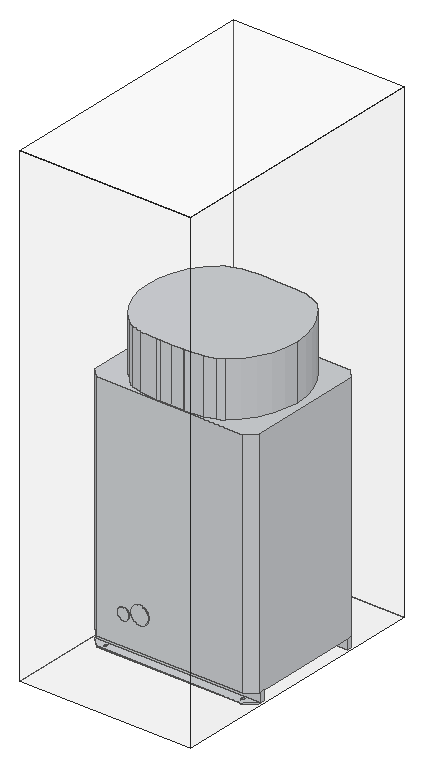
Revit family "puhy-p224_1400dmg7_60Hz", category 機械設備, Revit 2019 (continued)
Definition of nested family "筐体モジュール（高効率）"
  Lines and regions (mm)
    model lines, visible <- "ユニット234X", not visible, detail levels fine
      curve 237: line (460, -150.779, 1040.048) -> (460, -132.596, 1040.048)
      curve 238: line (460, -150.779, 818.931) -> (460, -150.779, 1040.048)
      curve 239: line (460, -132.596, 818.931) -> (460, -150.779, 818.931)
      curve 240: line (460, -132.596, 1040.048) -> (460, -132.596, 818.931)
      curve 241: line (460, 178.667, 802.923) -> (460, 297.73, 802.923)
      curve 242: line (460, 178.667, 569.8) -> (460, 178.667, 802.923)
      curve 243: line (460, 297.73, 569.8) -> (460, 178.667, 569.8)
      curve 244: line (460, 297.73, 802.923) -> (460, 297.73, 569.8)
      curve 245: line (460, 47.598, 802.923) -> (460, 166.661, 802.923)
      curve 246: line (460, 47.598, 569.8) -> (460, 47.598, 802.923)
      curve 247: line (460, 166.661, 569.8) -> (460, 47.598, 569.8)
      curve 248: line (460, 166.661, 802.923) -> (460, 166.661, 569.8)
      curve 249: line (460, -83.471, 802.923) -> (460, 35.592, 802.923)
      curve 250: line (460, -83.471, 569.8) -> (460, -83.471, 802.923)
      curve 251: line (460, 35.592, 569.8) -> (460, -83.471, 569.8)
      curve 252: line (460, 35.592, 802.923) -> (460, 35.592, 569.8)
      curve 253: line (460, -150.779, 802.923) -> (460, -95.75, 802.923)
      curve 254: line (460, -150.779, 569.8) -> (460, -150.779, 802.923)
      curve 255: line (460, -95.75, 569.8) -> (460, -150.779, 569.8)
      curve 256: line (460, -95.75, 802.923) -> (460, -95.75, 569.8)
      curve 257: line (460, -150.779, 796.92) -> (460, -132.596, 796.92)
      curve 258: line (460, -150.779, 575.803) -> (460, -150.779, 796.92)
      curve 259: line (460, -132.596, 575.803) -> (460, -150.779, 575.803)
      curve 260: line (460, -132.596, 796.92) -> (460, -132.596, 575.803)
      curve 261: line (460, 178.667, 559.795) -> (460, 297.73, 559.795)
      curve 262: line (460, 178.667, 326.672) -> (460, 178.667, 559.795)
      curve 263: line (460, 297.73, 326.672) -> (460, 178.667, 326.672)
      curve 264: line (460, 297.73, 559.795) -> (460, 297.73, 326.672)
      curve 265: line (460, 47.598, 559.795) -> (460, 166.661, 559.795)
      curve 266: line (460, 47.598, 326.672) -> (460, 47.598, 559.795)
      curve 267: line (460, 166.661, 326.672) -> (460, 47.598, 326.672)
      curve 268: line (460, 166.661, 559.795) -> (460, 166.661, 326.672)
      curve 269: line (460, -83.471, 559.795) -> (460, 35.592, 559.795)
      curve 270: line (460, -83.471, 326.672) -> (460, -83.471, 559.795)
      curve 271: line (460, 35.592, 326.672) -> (460, -83.471, 326.672)
      curve 272: line (460, 35.592, 559.795) -> (460, 35.592, 326.672)
      curve 273: line (460, -150.779, 559.795) -> (460, -95.75, 559.795)
      curve 274: line (460, -150.779, 326.672) -> (460, -150.779, 559.795)
      curve 275: line (460, -95.75, 326.672) -> (460, -150.779, 326.672)
      curve 276: line (460, -95.75, 559.795) -> (460, -95.75, 326.672)
      curve 277: line (460, -150.779, 553.792) -> (460, -132.596, 553.792)
      curve 278: line (460, -150.779, 332.675) -> (460, -150.779, 553.792)
      curve 279: line (460, -132.596, 332.675) -> (460, -150.779, 332.675)
      curve 280: line (460, -132.596, 553.792) -> (460, -132.596, 332.675)
      curve 281: line (460, 178.667, 316.667) -> (460, 297.73, 316.667)
      curve 282: line (460, 178.667, 83.544) -> (460, 178.667, 316.667)
      curve 283: line (460, 297.73, 83.544) -> (460, 178.667, 83.544)
      curve 284: line (460, 297.73, 316.667) -> (460, 297.73, 83.544)
      curve 285: line (460, 47.598, 316.667) -> (460, 166.661, 316.667)
      curve 286: line (460, 47.598, 83.544) -> (460, 47.598, 316.667)
      curve 287: line (460, 166.661, 83.544) -> (460, 47.598, 83.544)
      curve 288: line (460, 166.661, 316.667) -> (460, 166.661, 83.544)
      curve 289: line (460, -83.471, 316.667) -> (460, 35.592, 316.667)
      curve 290: line (460, -83.471, 83.544) -> (460, -83.471, 316.667)
      curve 291: line (460, 35.592, 83.544) -> (460, -83.471, 83.544)
      curve 292: line (460, 35.592, 316.667) -> (460, 35.592, 83.544)
      curve 293: line (460, -150.779, 316.667) -> (460, -95.75, 316.667)
      curve 294: line (460, -150.779, 83.544) -> (460, -150.779, 316.667)
      curve 295: line (460, -95.75, 83.544) -> (460, -150.779, 83.544)
      curve 296: line (460, -95.75, 316.667) -> (460, -95.75, 83.544)
      curve 297: line (460, -150.779, 310.664) -> (460, -132.596, 310.664)
      curve 298: line (460, -150.779, 89.547) -> (460, -150.779, 310.664)
      curve 299: line (460, -132.596, 89.547) -> (460, -150.779, 89.547)
      curve 300: line (460, -132.596, 310.664) -> (460, -132.596, 89.547)
    symbolic lines, visible <- "ユニット234X"
      curve 301: line (-408.343, 370, 0) -> (-460, 318.843, 0)
      curve 302: line (-460, 318.843, 0) -> (-460, -318.843, 0)
      curve 303: line (-460, -318.843, 0) -> (-408.343, -370, 0)
      curve 304: line (-408.343, -370, 0) -> (408.343, -370, 0)
      curve 305: line (408.343, -370, 0) -> (460, -318.843, 0)
      curve 306: line (460, -318.843, 0) -> (460, 318.843, 0)
      curve 307: line (460, 318.843, 0) -> (408.343, 370, 0)
      curve 308: line (408.343, 370, 0) -> (-408.343, 370, 0)
      curve 309: arc (-268.081, 316.106, 0) -> (-376.101, 174.18, 0) -> (-414.476, 0, 0) r 414.476
      curve 310: arc (-414.476, 0, 0) -> (-376.101, -174.18, 0) -> (-268.081, -316.106, 0) r 414.476
      curve 311: arc (-268.081, -316.106, 0) -> (-250.84, -327.278, 0) -> (-232.369, -336.274, 0) r 168.924
      curve 312: arc (-232.369, -336.274, 0) -> (-204.68, -346.28, 0) -> (-176.163, -353.601, 0) r 308.609
      curve 313: arc (-176.163, -353.601, 0) -> (-128.058, -361, 0) -> (-79.445, -363.367, 0) r 468.429
      curve 314: arc (-79.445, -363.367, 0) -> (-71.906, -363.425, 0) -> (-64.372, -363.142, 0) r 167.153
      curve 315: line (-64.372, -363.142, 0) -> (0, -363.142, 0)
      curve 316: line (0, -363.142, 0) -> (64.372, -363.142, 0)
      curve 317: arc (64.372, -363.142, 0) -> (71.906, -363.425, 0) -> (79.445, -363.367, 0) r 167.153
      curve 318: arc (79.445, -363.367, 0) -> (128.058, -361, 0) -> (176.163, -353.601, 0) r 468.429
      curve 319: arc (176.163, -353.601, 0) -> (204.68, -346.28, 0) -> (232.369, -336.274, 0) r 308.609
      curve 320: arc (232.369, -336.274, 0) -> (250.84, -327.278, 0) -> (268.081, -316.106, 0) r 168.924
      curve 321: arc (268.081, -316.106, 0) -> (376.101, -174.18, 0) -> (414.476, 0, 0) r 414.476
      curve 322: arc (414.476, 0, 0) -> (376.101, 174.18, 0) -> (268.082, 316.106, 0) r 414.476
      curve 323: arc (268.082, 316.106, 0) -> (250.84, 327.278, 0) -> (232.369, 336.274, 0) r 168.924
      curve 324: arc (232.369, 336.274, 0) -> (204.68, 346.28, 0) -> (176.163, 353.601, 0) r 308.609
      curve 325: arc (176.163, 353.601, 0) -> (128.058, 361, 0) -> (79.445, 363.367, 0) r 468.429
      curve 326: line (79.445, 363.367, 0) -> (0, 363.367, 0)
      curve 327: line (0, 363.367, 0) -> (-79.445, 363.367, 0)
      curve 328: arc (-79.445, 363.367, 0) -> (-128.058, 361, 0) -> (-176.163, 353.601, 0) r 468.429
      curve 329: arc (-176.163, 353.601, 0) -> (-204.68, 346.28, 0) -> (-232.369, 336.274, 0) r 308.609
      curve 330: arc (-232.369, 336.274, 0) -> (-250.974, 327.516, 0) -> (-268.081, 316.106, 0) r 138.853
  Dimensions and locks
    "Depth": plane 4 to plane 6
    equal spacing: plane 4, plane 1 "中心(正面/背面)", plane 6
    "W": plane 7 to plane 5
    equal spacing: plane 7, plane 3 "中心(左/右)", plane 5
    locked: plane 12 "本体下部" to plane 2 at 54
    plane 4 to plane 10 to plane 11 to plane 15 to plane 14 to plane 13 = 57 mm locked, 20 mm locked, 586 mm locked, 20 mm locked, 57 mm locked
    locked: plane 13 to plane 16 at 29.5
    locked: plane 4 to plane 19 at 29.5
    "冷媒液_Z": plane 20 "電源高さ" to level
    plane 9 to plane 8 = 303 mm
    plane 8 to plane 2 = 1347 mm
    "Height": plane 9 to plane 2
    "冷媒管径_Z": level to plane 24 "冷媒管高さ"
    locked: plane 7 to plane 17 at 80
    locked: plane 18 to plane 5 at 80
    locked: plane 12 "本体下部" to plane 25 "冷媒操作弁ガス芯4" at 1
    plane 19 to plane 10 to plane 11 = 27.5 mm, 20 mm
    plane 8 to level = 1347 mm
    equal spacing: plane 26, plane 3 "中心(左/右)", plane 27
    "Width": plane 26 to plane 27
    "冷媒ガス_X": plane 22 "冷媒操作弁液芯1" to plane 23 "冷媒操作弁ガス芯1"
    "冷媒液_X": plane 26 to plane 22 "冷媒操作弁液芯1"
    plane 16 to plane 14 to plane 15 = 27.5 mm, 20 mm
    "冷媒液_Y": plane 4 to plane 29
    "冷媒ガス_Y": plane 4 to plane 28
    "冷媒管径_X": plane 26 to plane 21
    "冷媒ガス_Z": plane 30 to level
    "冷媒管径_Y": plane 4 to plane 31
    "冷媒ガス管径": diameter of Extrusion 10 sketch curve
    "冷媒液管径": diameter of Extrusion 9 sketch curve
    "冷媒管径": diameter of Extrusion 8 sketch curve
    "冷媒管径": diameter of Extrusion 6 sketch curve
    aligned and locked: plane 5 to Extrusion 1
    aligned and locked: Extrusion 1 to plane 7
    aligned and locked: Extrusion 1 to plane 6
    aligned and locked: plane 4 to Extrusion 1
    aligned and locked: curve 103 to plane 7
    aligned and locked: curve 3 to plane 5
    aligned and locked: plane 11 to Extrusion 2 sketch curve
    aligned and locked: plane 7 to Extrusion 2 sketch curve
    aligned and locked: Extrusion 2 sketch curve to plane 10
    aligned and locked: Extrusion 2 sketch curve to plane 5
    aligned and locked: plane 13 to Extrusion 4
    aligned and locked: Extrusion 4 to plane 14
    aligned and locked: Extrusion 1 to plane 12 "本体下部"
    aligned and locked: plane 12 "本体下部" to Extrusion 1  (x2)
    aligned and locked: plane 8 to Extrusion 1
    aligned and locked: Extrusion 4 sketch curve to Extrusion 1  (x2)
    aligned and locked: plane 4 to Extrusion 5
    aligned and locked: plane 10 to Extrusion 2
    aligned and locked: plane 3 "中心(左/右)" to Extrusion 7 sketch curve
    aligned and locked: plane 12 "本体下部" to Extrusion 8
    aligned and locked: Extrusion 9 to plane 25 "冷媒操作弁ガス芯4"
    aligned and locked: plane 12 "本体下部" to Extrusion 9
    aligned and locked: plane 12 "本体下部" to Extrusion 10
    aligned and locked: Extrusion 9 to Extrusion 10
    aligned and locked: Extrusion 8 to Extrusion 9
    aligned and locked: plane 23 "冷媒操作弁ガス芯1" to Extrusion 10 sketch curve
    aligned and locked: plane 21 to Extrusion 8 sketch curve
    aligned and locked: plane 22 "冷媒操作弁液芯1" to Extrusion 9 sketch curve
    aligned and locked: plane 28 to Extrusion 10 sketch curve
    aligned and locked: plane 29 to Extrusion 9 sketch curve
    aligned and locked: plane 24 "冷媒管高さ" to Extrusion 6 sketch curve
    aligned and locked: plane 21 to Extrusion 6 sketch curve
    aligned and locked: plane 31 to Extrusion 8 sketch curve
    aligned and locked: plane 17 to nested 1
    aligned and locked: plane 16 to nested 1
    aligned and locked: nested 1 to plane 18
    aligned and locked: nested 1 to plane 19
    aligned and locked: Masking region 1 sketch curve to Extrusion 1  (x8)
    aligned and locked: curve 301 to Masking region 1
    aligned and locked: curve 302 to Masking region 1
    aligned and locked: curve 303 to Masking region 1
    aligned and locked: curve 304 to Masking region 1
    aligned and locked: curve 305 to Masking region 1
    aligned and locked: curve 306 to Masking region 1
    aligned and locked: curve 307 to Masking region 1
    aligned and locked: curve 308 to Masking region 1
    aligned and locked: curve 309 to Extrusion 7
    aligned and locked: curve 310 to Extrusion 7
    aligned and locked: curve 311 to Extrusion 7
    aligned and locked: curve 312 to Extrusion 7
    aligned and locked: curve 313 to Extrusion 7
    aligned and locked: curve 314 to Extrusion 7
    aligned and locked: curve 315 to Extrusion 7
    aligned and locked: curve 316 to Extrusion 7
    aligned and locked: curve 317 to Extrusion 7
    aligned and locked: curve 318 to Extrusion 7
    aligned and locked: curve 319 to Extrusion 7
    aligned and locked: curve 320 to Extrusion 7
    aligned and locked: curve 321 to Extrusion 7
    aligned and locked: curve 322 to Extrusion 7
    aligned and locked: curve 323 to Extrusion 7
    aligned and locked: curve 324 to Extrusion 7
    aligned and locked: curve 325 to Extrusion 7
    aligned and locked: curve 326 to Extrusion 7
    aligned and locked: curve 327 to Extrusion 7
    aligned and locked: curve 328 to Extrusion 7
    aligned and locked: curve 329 to Extrusion 7
    aligned and locked: curve 330 to Extrusion 7
  Automatic sketch dimensions
    Extrusion 1 sketch curve to plane 7 = 0 mm
    plane 6 to Extrusion 1 sketch curve = 0 mm
    plane 4 to Extrusion 1 sketch curve = 0 mm
    Extrusion 1 sketch curve to plane 5 = 0 mm
    plane 10 to Extrusion 1 sketch curve = 5.843 mm  (x2)
    plane 14 to Extrusion 1 sketch curve = 5.843 mm  (x2)
    Extrusion 3 sketch curve to plane 7 = 0 mm
    Extrusion 3 sketch curve to plane 5 = 0 mm
    Extrusion 3 sketch curve to plane 14 = 0 mm
    Extrusion 3 sketch curve to plane 15 = 0 mm
    Extrusion 4 sketch curve to plane 7 = 0 mm
    plane 6 to Extrusion 4 sketch curve = 0 mm
    Extrusion 4 sketch curve to plane 17 = 0 mm
    Extrusion 4 sketch curve to plane 18 = 0 mm
    Extrusion 4 sketch curve to plane 5 = 0 mm
    Extrusion 4 sketch curve to plane 14 = 0 mm
    Extrusion 4 sketch curve to plane 16 = 3 mm  (x2)
    plane 17 to Extrusion 4 sketch curve = 7 mm
    Extrusion 4 sketch curve to plane 18 = 7 mm
    plane 16 to Extrusion 4 sketch curve = 3 mm  (x2)
    Extrusion 5 sketch curve to plane 7 = 0 mm
    plane 4 to Extrusion 5 sketch curve = 0 mm
    Extrusion 5 sketch curve to plane 17 = 0 mm
    Extrusion 5 sketch curve to plane 18 = 0 mm
    Extrusion 5 sketch curve to plane 5 = 0 mm
    plane 10 to Extrusion 5 sketch curve = 0 mm
    plane 19 to Extrusion 5 sketch curve = 3 mm  (x2)
    Extrusion 5 sketch curve to plane 17 = 7 mm
    plane 18 to Extrusion 5 sketch curve = 7 mm
    Extrusion 5 sketch curve to plane 19 = 3 mm  (x2)
    plane 10 to Extrusion 5 sketch curve = 5.843 mm  (x2)
    Extrusion 1 sketch curve to plane 17 = 28.343 mm  (x2)
    Extrusion 5 sketch curve to plane 17 = 28.343 mm
    Extrusion 1 sketch curve to plane 18 = 28.343 mm  (x2)
    Extrusion 5 sketch curve to plane 18 = 28.343 mm
    Extrusion 7 sketch curve to Extrusion 7 sketch curve = 0 mm  (x3)
    plane 1 "中心(正面/背面)" to Extrusion 7 sketch curve = 0 mm  (x2)
    Extrusion 7 sketch curve to plane 3 "中心(左/右)" = 0 mm  (x3)
    Extrusion 7 sketch curve to plane 4 = 6.858 mm
    Extrusion 7 sketch curve to plane 3 "中心(左/右)" = 64.372 mm
    Extrusion 7 sketch curve to plane 3 "中心(左/右)" = 74.399 mm
    plane 6 to Extrusion 7 sketch curve = 6.633 mm
    Extrusion 7 sketch curve to plane 3 "中心(左/右)" = 79.445 mm
    Extrusion 7 sketch curve to plane 3 "中心(左/右)" = 80.998 mm  (x2)
    Extrusion 7 sketch curve to Extrusion 7 sketch curve = 64.372 mm
    plane 3 "中心(左/右)" to Extrusion 7 sketch curve = 74.399 mm
    Extrusion 7 sketch curve to Extrusion 7 sketch curve = 79.445 mm
    plane 3 "中心(左/右)" to Extrusion 7 sketch curve = 80.998 mm  (x2)
    Extrusion 7 sketch curve to Extrusion 7 sketch curve = 32.763 mm  (x4)
    Extrusion 7 sketch curve to Extrusion 7 sketch curve = 86.775 mm
    Extrusion 7 sketch curve to Extrusion 7 sketch curve = 93.374 mm  (x2)
    Extrusion 7 sketch curve to Extrusion 7 sketch curve = 91.232 mm  (x2)
    plane 1 "中心(正面/背面)" to Extrusion 7 sketch curve = 51.367 mm  (x2)
    Extrusion 7 sketch curve to plane 1 "中心(正面/背面)" = 51.367 mm  (x2)
    Extrusion 7 sketch curve to Extrusion 7 sketch curve = 53.692 mm  (x2)
    Extrusion 7 sketch curve to Extrusion 7 sketch curve = 75.129 mm
    Extrusion 7 sketch curve to Extrusion 7 sketch curve = 101.551 mm
    Extrusion 7 sketch curve to plane 4 = 6.633 mm  (x2)
    Extrusion 7 sketch curve to plane 19 = 4.226 mm  (x2)
    Extrusion 7 sketch curve to plane 16 = 4.226 mm  (x2)
    plane 14 to Extrusion 7 sketch curve = 3.106 mm
    plane 16 to Extrusion 7 sketch curve = 13.101 mm  (x2)
    plane 19 to Extrusion 7 sketch curve = 13.101 mm  (x2)
    plane 10 to Extrusion 7 sketch curve = 3.106 mm
    Extrusion 7 sketch curve to Extrusion 7 sketch curve = 101.697 mm
    Extrusion 7 sketch curve to Extrusion 7 sketch curve = 16.103 mm  (x2)
    Extrusion 7 sketch curve to plane 11 = 96.709 mm
    curve 326 to plane 3 "中心(左/右)" = 0 mm
    curve 315 to plane 3 "中心(左/右)" = 0 mm
  Nested families
    nested 1: "固定点" at (-380, -340.5, 0), visible <- "ユニット234X", type "固定点", detail levels fine
      with W 760 mm, D 681 mm
  Definition of nested family "固定点"
    Parameters (values of type "固定点")
      中心円 = 20 mm
      W [instance] = 1000 mm
      D [instance] = 1000 mm
    Reference planes
      plane 1 "中心(正面/背面)": y = 0
      plane 2: z = 0
      plane 3 "中心(左/右)": x = 0
      plane 4: x = 1000
      plane 5: y = 1000
    Lines and regions (mm)
      symbolic lines, detail levels fine
        curve 1: circle (0, 1000, 0) r 10 normal (0, 0, 1)
        curve 2: circle (0, 0, 0) r 10 normal (0, 0, 1)
        curve 3: circle (1000, 1000, 0) r 10 normal (0, 0, 1)
        curve 4: circle (1000, 0, 0) r 10 normal (0, 0, 1)
        curve 5: line (-200, 1000, 0) -> (1200, 1000, 0)
        curve 6: line (-200, 0, 0) -> (1200, 0, 0)
        curve 7: line (0, 1200, 0) -> (0, -200, 0)
        curve 8: line (1000, 1200, 0) -> (1000, -200, 0)
    Dimensions and locks
      "W": plane 3 "中心(左/右)" to plane 4
      "D": plane 1 "中心(正面/背面)" to plane 5
      "中心円": diameter of curve 1
      "中心円": diameter of curve 2
      "中心円": diameter of curve 3
      "中心円": diameter of curve 4
      aligned and locked: level to plane 2
      aligned and locked: plane 5 to curve 1
      aligned and locked: plane 3 "中心(左/右)" to curve 1
      aligned and locked: plane 3 "中心(左/右)" to curve 2
      aligned and locked: plane 1 "中心(正面/背面)" to curve 2
      aligned and locked: plane 4 to curve 3
      aligned and locked: plane 5 to curve 3
      aligned and locked: plane 1 "中心(正面/背面)" to curve 4
      aligned and locked: plane 4 to curve 4
      aligned and locked: plane 1 "中心(正面/背面)" to curve 6
      aligned and locked: curve 7 to plane 3 "中心(左/右)"
      aligned and locked: curve 8 to plane 4
    Automatic sketch dimensions
      curve 5 to plane 5 = 0 mm
      curve 6 to plane 3 "中心(左/右)" = 200 mm
      curve 5 to plane 3 "中心(左/右)" = 200 mm
      curve 4 to curve 6 = 200 mm
      curve 3 to curve 5 = 200 mm
      plane 1 "中心(正面/背面)" to curve 8 = 200 mm
      plane 1 "中心(正面/背面)" to curve 7 = 200 mm
      curve 3 to curve 8 = 200 mm
      curve 1 to curve 7 = 200 mm
Types (45, lengths in mm): name | 風量（m3／min） | 風量 | 音響パワーレベル(dB) | 電源位置2X（ユニット3） | 電源位置2X（ユニット2） | 電源位置2X（ユニット1） | 電源位置1X（ユニット3） | 電源位置1X（ユニット2） | 電源位置1X（ユニット1） | 電動機出力_送風機 | 電動機出力_圧縮機 | 消費電力_暖房 | 消費電力_冷房 | 消費電力 | 最小電線太さ_mm2 | 暖房能力 | 推奨ブレーカー容量 | 参照している仕様書等のバージョン | 冷房能力 | 冷媒管（液）位置2 (ユニット3) | 冷媒管（液）位置2 (ユニット2) | 冷媒管（液）位置1 (ユニット3） | 冷媒管（ガス）位置2 (ユニット3) | 冷媒管（ガス）位置2 (ユニット2) | 冷媒管（液）位置1 (ユニット1) | 冷媒管（液）位置2 (ユニット1) | 冷媒管（ガス）位置2 (ユニット1) | 冷媒管（液）位置1 (ユニット2） | 冷媒管径符号 | 冷媒管位置3 (ユニット3) | 冷媒管位置3 (ユニット2) | 冷媒管位置3 (ユニット1) | 冷媒管位置2 (ユニット3) | 冷媒管位置2 (ユニット2) | 冷媒管位置1 (ユニット2) | 冷媒管位置2 (ユニット1) | 冷媒管位置1 (ユニット3) | 冷媒管位置1 (ユニット1) | 冷媒液管径3 | 冷媒液管径2 | 冷媒液管径 | 冷媒ガス管径3 | 冷媒ガス管径2 | 冷媒ガス管径 | ユニット隙間 | ユニット数 | ユニットタイプ3 | ユニットタイプ2 | ユニットタイプ1 | ユニット3 | ユニット2 | モデル | サービススペース_タイプA | アンカーボルト位置X（ユニット3） | アンカーボルト位置X（ユニット2） | アンカーボルト位置X（ユニット1） | Width3 | Width2 | Width1 | Width | URL | MAX風量 | Clearance Right | Clearance Left | Clearance Back | APF
  (no name) | 165 | 9900.0 m³/h | 76.5 | 177 | 177 | 177 | 201 | 201 | 201 | 0.35 kW | 5.24 kW | 6.4 kW | 6.46 kW | 6.46 kW | 8 | 25 kW | 100 A | "公共建築工事標準仕様書（機械設備工事編）平成31年度版" | 22.4 kW | 147 | 147 | 251 | 137 | 137 | 251 | 147 | 137 | 251 | "Be" | 242 | 242 | 242 | 142 | 142 | 292.5 | 142 | 292.5 | 292.5 | 9.52 | 9.52 | 9.52 | 19.05 | 19.05 | 19.05 | 30 | 1 | 筐体モジュール（高効率） : 224筐体 | 筐体モジュール（高効率） : 224筐体 | 筐体モジュール（高効率） : 224筐体 | no | no | "PUHY-P224DMG7" | yes | 760 | 760 | 760 | 920 | 920 | 920 | 920 | "https://www.mitsubishielectric.co.jp/ldg/wink/ssl/displayProduct.do?pid=307651" | 9900.0 m³/h | 15 | 15 | 300 | 5.5
  PUHY-P224DMG7_タイプA | 165 | 9900.0 m³/h | 76.5 | 177 | 177 | 177 | 201 | 201 | 201 | 0.35 kW | 5.24 kW | 6.4 kW | 6.46 kW | 6.46 kW | 8 | 25 kW | 100 A | "公共建築工事標準仕様書（機械設備工事編）平成31年度版" | 22.4 kW | 147 | 147 | 251 | 137 | 137 | 251 | 147 | 137 | 251 | "Be" | 242 | 242 | 242 | 142 | 142 | 292.5 | 142 | 292.5 | 292.5 | 9.52 | 9.52 | 9.52 | 19.05 | 19.05 | 19.05 | 30 | 1 | 筐体モジュール（高効率） : 224筐体 | 筐体モジュール（高効率） : 224筐体 | 筐体モジュール（高効率） : 224筐体 | no | no | "PUHY-P224DMG7" | yes | 760 | 760 | 760 | 920 | 920 | 920 | 920 | "https://www.mitsubishielectric.co.jp/ldg/wink/ssl/displayProduct.do?pid=307651" | 9900.0 m³/h | 15 | 15 | 300 | 5.5
  PUHY-P280DMG7_タイプA | 185 | 11100.0 m³/h | 80.5 | 177 | 177 | 177 | 201 | 201 | 201 | 0.46 kW | 7.47 kW | 8.6 kW | 9.33 kW | 9.33 kW | 14 | 31.5 kW | 100 A | "公共建築工事標準仕様書（機械設備工事編）平成31年度版" | 28 kW | 147 | 147 | 251 | 145 | 145 | 251 | 147 | 145 | 251 | "Bf" | 197 | 197 | 197 | 146 | 146 | 292.5 | 146 | 292.5 | 292.5 | 9.52 | 9.52 | 9.52 | 22.20 | 22.20 | 22.20 | 30 | 1 | 筐体モジュール（高効率） : 280筐体 | 筐体モジュール（高効率） : 280筐体 | 筐体モジュール（高効率） : 280筐体 | no | no | "PUHY-P280DMG7" | yes | 760 | 760 | 760 | 920 | 920 | 920 | 920 | "https://www.mitsubishielectric.co.jp/ldg/wink/ssl/displayProduct.do?pid=307654" | 11100.0 m³/h | 15 | 15 | 300 | 5.3
  PUHY-P335DMG7_タイプA | 185 | 11100.0 m³/h | 81 | 177 | 177 | 177 | 201 | 201 | 201 | 0.46 kW | 8.19 kW | 10 kW | 9.65 kW | 10 kW | 22 | 37.5 kW | 125 A | "公共建築工事標準仕様書（機械設備工事編）平成31年度版" | 33.5 kW | 143 | 143 | 251 | 145 | 145 | 251 | 143 | 145 | 251 | "Bf" | 197.5 | 197.5 | 197.5 | 144 | 144 | 292.5 | 144 | 292.5 | 292.5 | 9.52 | 9.52 | 9.52 | 22.20 | 22.20 | 22.20 | 30 | 1 | 筐体モジュール（高効率） : 335筐体 | 筐体モジュール（高効率） : 335筐体 | 筐体モジュール（高効率） : 335筐体 | no | no | "PUHY-P335DMG7" | yes | 760 | 760 | 760 | 920 | 920 | 920 | 920 | "https://www.mitsubishielectric.co.jp/ldg/wink/ssl/displayProduct.do?pid=307657" | 11100.0 m³/h | 15 | 15 | 300 | 5.6
  PUHY-P400DMG7_タイプA | 210 | 12600.0 m³/h | 82.5 | 227 | 227 | 227 | 251 | 251 | 251 | 0.46 kW | 10.7 kW | 12.7 kW | 12.7 kW | 12.7 kW | 22 | 45 kW | 125 A | "公共建築工事標準仕様書（機械設備工事編）平成31年度版" | 40 kW | 143 | 143 | 301 | 145 | 145 | 301 | 143 | 145 | 301 | "Cg" | 197.5 | 197.5 | 197.5 | 144 | 144 | 342.5 | 144 | 342.5 | 342.5 | 12.70 | 12.70 | 12.70 | 25.40 | 25.40 | 25.40 | 30 | 1 | 筐体モジュール（高効率） : 400筐体 | 筐体モジュール（高効率） : 400筐体 | 筐体モジュール（高効率） : 400筐体 | no | no | "PUHY-P400DMG7" | yes | 1060 | 1060 | 1060 | 1220 | 1220 | 1220 | 1220 | "https://www.mitsubishielectric.co.jp/ldg/wink/ssl/displayProduct.do?pid=307660" | 12600.0 m³/h | 15 | 15 | 300 | 5.5
  PUHY-P450DMG7_タイプA | 210 | 12600.0 m³/h | 86 | 227 | 227 | 227 | 251 | 251 | 251 | 0.65 kW | 13.6 kW | 12.2 kW | 16.9 kW | 16.9 kW | 38 | 45 kW | 125 A | "公共建築工事標準仕様書（機械設備工事編）平成31年度版" | 45 kW | 144 | 144 | 301 | 145 | 145 | 301 | 144 | 145 | 301 | "Ch" | 205 | 205 | 205 | 144.5 | 144.5 | 342.5 | 144.5 | 342.5 | 342.5 | 12.70 | 12.70 | 12.70 | 28.58 | 28.58 | 28.58 | 30 | 1 | 筐体モジュール（高効率） : 450筐体 | 筐体モジュール（高効率） : 450筐体 | 筐体モジュール（高効率） : 450筐体 | no | no | "PUHY-P450DMG7" | yes | 1060 | 1060 | 1060 | 1220 | 1220 | 1220 | 1220 | "https://www.mitsubishielectric.co.jp/ldg/wink/ssl/displayProduct.do?pid=307663" | 12600.0 m³/h | 15 | 15 | 300 | 5.4
  PUHY-P500DMG7_タイプA | 360 | 21600.0 m³/h | 85.5 | 516 | 516 | 516 | 541 | 541 | 541 | 0.92 kW | 15.2 kW | 15.4 kW | 18.5 kW | 18.5 kW | 38 | 56 kW | 150 A | "公共建築工事標準仕様書（機械設備工事編）平成31年度版" | 50 kW | 147 | 147 | 251 | 137 | 137 | 590 | 144 | 145 | 251 | "Dh" | 242 | 242 | 205 | 142 | 142 | 292.5 | 144.5 | 292.5 | 631.5 | 9.52 | 9.52 | 15.88 | 19.05 | 19.05 | 28.58 | 30 | 1 | 筐体モジュール（高効率） : 224筐体 | 筐体モジュール（高効率） : 224筐体 | 筐体モジュール.（高効率） : 500筐体 | no | no | "PUHY-P500DMG7" | yes | 795 | 795 | 795 | 920 | 920 | 1750 | 1750 | "https://www.mitsubishielectric.co.jp/ldg/wink/ssl/displayProduct.do?pid=307666" | 21600.0 m³/h | 15 | 15 | 300 | 5
  PUHY-P560DMG7_タイプA | 380 | 22800.0 m³/h | 85.5 | 516 | 516 | 516 | 541 | 541 | 541 | 1.1 kW | 16.5 kW | 18.2 kW | 20.3 kW | 20.3 kW | 38 | 63 kW | 150 A | "公共建築工事標準仕様書（機械設備工事編）平成31年度版" | 56 kW | 147 | 147 | 251 | 137 | 137 | 590 | 144 | 145 | 251 | "Dh" | 242 | 242 | 205 | 142 | 142 | 292.5 | 144.5 | 292.5 | 631.5 | 9.52 | 9.52 | 15.88 | 19.05 | 19.05 | 28.58 | 30 | 1 | 筐体モジュール（高効率） : 224筐体 | 筐体モジュール（高効率） : 224筐体 | 筐体モジュール.（高効率） : 560筐体 | no | no | "PUHY-P560DMG7" | yes | 795 | 795 | 795 | 920 | 920 | 1750 | 1750 | "https://www.mitsubishielectric.co.jp/ldg/wink/ssl/displayProduct.do?pid=307669" | 22800.0 m³/h | 15 | 15 | 300 | 4.7
  PUHY-P630DMG7_タイプA | 370 | 22200.0 m³/h | 84 | 177 | 177 | 177 | 201 | 201 | 201 | 0.92 kW | 15.66 kW | 8.7 kW | 20 kW | 20 kW | 38 | 69 kW | 150 A | "公共建築工事標準仕様書（機械設備工事編）平成31年度版" | 63 kW | 147 | 147 | 251 | 145 | 145 | 251 | 143 | 145 | 251 | "Dh" | 197 | 197 | 197.5 | 146 | 146 | 292.5 | 144 | 292.5 | 292.5 | 9.52 | 9.52 | 12.70 | 22.20 | 22.20 | 25.40 | 30 | 2 | 筐体モジュール（高効率） : 280筐体 | 筐体モジュール（高効率） : 280筐体 | 筐体モジュール（高効率） : 335筐体 | no | yes | "PUHY-P630DMG7" | yes | 760 | 760 | 760 | 920 | 920 | 920 | 1870 | "https://www.mitsubishielectric.co.jp/ldg/wink/ssl/displayProduct.do?pid=307672" | 22200.0 m³/h | 15 | 15 | 300 | 5.5
  PUHY-P670DMG7_タイプA | 370 | 22200.0 m³/h | 84 | 177 | 177 | 177 | 201 | 201 | 201 | 0.92 kW | 16.38 kW | 21.2 kW | 19.8 kW | 21.2 kW | 60 | 77.5 kW | 150 A | "公共建築工事標準仕様書（機械設備工事編）平成31年度版" | 67 kW | 143 | 143 | 251 | 145 | 145 | 251 | 143 | 145 | 251 | "Dh" | 197.5 | 197.5 | 197.5 | 144 | 144 | 292.5 | 144 | 292.5 | 292.5 | 12.70 | 12.70 | 12.70 | 25.40 | 25.40 | 25.40 | 30 | 2 | 筐体モジュール（高効率） : 335筐体 | 筐体モジュール（高効率） : 335筐体 | 筐体モジュール（高効率） : 335筐体 | no | yes | "PUHY-P670DMG7" | yes | 760 | 760 | 760 | 920 | 920 | 920 | 1870 | "https://www.mitsubishielectric.co.jp/ldg/wink/ssl/displayProduct.do?pid=307674" | 22200.0 m³/h | 15 | 15 | 300 | 5.6
  PUHY-P730DMG7_タイプA | 395 | 23700.0 m³/h | 85 | 177 | 177 | 227 | 201 | 201 | 251 | 0.92 kW | 18.89 kW | 23.3 kW | 22.7 kW | 23.3 kW | 60 | 82.5 kW | 175 A | "公共建築工事標準仕様書（機械設備工事編）平成31年度版" | 73 kW | 143 | 143 | 251 | 145 | 145 | 301 | 143 | 145 | 251 | "Dh" | 197.5 | 197.5 | 197.5 | 144 | 144 | 292.5 | 144 | 292.5 | 342.5 | 12.70 | 12.70 | 12.70 | 25.40 | 25.40 | 25.40 | 30 | 2 | 筐体モジュール（高効率） : 335筐体 | 筐体モジュール（高効率） : 335筐体 | 筐体モジュール（高効率） : 400筐体 | no | yes | "PUHY-P730DMG7" | yes | 760 | 760 | 1060 | 920 | 920 | 1220 | 2170 | "https://www.mitsubishielectric.co.jp/ldg/wink/ssl/displayProduct.do?pid=307618" | 23700.0 m³/h | 15 | 15 | 300 | 5.6
  PUHY-P775DMG7_タイプA | 420 | 25200.0 m³/h | 85.5 | 227 | 227 | 227 | 251 | 251 | 251 | 0.92 kW | 21.4 kW | 26.4 kW | 25.5 kW | 26.4 kW | 60 | 90 kW | 175 A | "公共建築工事標準仕様書（機械設備工事編）平成31年度版" | 77.5 kW | 143 | 143 | 301 | 145 | 145 | 301 | 143 | 145 | 301 | "Ei" | 197.5 | 197.5 | 197.5 | 144 | 144 | 342.5 | 144 | 342.5 | 342.5 | 12.70 | 12.70 | 12.70 | 25.40 | 25.40 | 25.40 | 30 | 2 | 筐体モジュール（高効率） : 400筐体 | 筐体モジュール（高効率） : 400筐体 | 筐体モジュール（高効率） : 400筐体 | no | yes | "PUHY-P775DMG7" | yes | 1060 | 1060 | 1060 | 1220 | 1220 | 1220 | 2470 | "https://www.mitsubishielectric.co.jp/ldg/wink/ssl/displayProduct.do?pid=307621" | 25200.0 m³/h | 15 | 15 | 300 | 5.5
  PUHY-P850DMG7_タイプA | 440 | 26400.0 m³/h | 88.5 | 227 | 227 | 227 | 251 | 251 | 251 | 1.11 kW | 24.3 kW | 27.2 kW | 30.4 kW | 30.4 kW | 100 | 95 kW | 175 A | "公共建築工事標準仕様書（機械設備工事編）平成31年度版" | 85 kW | 143 | 143 | 301 | 145 | 145 | 301 | 144 | 145 | 301 | "Ei" | 197.5 | 197.5 | 205 | 144 | 144 | 342.5 | 144.5 | 342.5 | 342.5 | 12.70 | 12.70 | 15.88 | 25.40 | 25.40 | 28.58 | 30 | 2 | 筐体モジュール（高効率） : 400筐体 | 筐体モジュール（高効率） : 400筐体 | 筐体モジュール（高効率） : 450筐体 | no | yes | "PUHY-P850DMG7" | yes | 1060 | 1060 | 1060 | 1220 | 1220 | 1220 | 2470 | "https://www.mitsubishielectric.co.jp/ldg/wink/ssl/displayProduct.do?pid=307624" | 26400.0 m³/h | 15 | 15 | 300 | 5.5
  PUHY-P900DMG7_タイプA | 460 | 27600.0 m³/h | 90 | 227 | 227 | 227 | 251 | 251 | 251 | 1.3 kW | 27.2 kW | 27.9 kW | 34.8 kW | 34.8 kW | 100 | 100 kW | 175 A | "公共建築工事標準仕様書（機械設備工事編）平成31年度版" | 90 kW | 144 | 144 | 301 | 145 | 145 | 301 | 144 | 145 | 301 | "Ei" | 205 | 205 | 205 | 144.5 | 144.5 | 342.5 | 144.5 | 342.5 | 342.5 | 15.88 | 15.88 | 15.88 | 28.58 | 28.58 | 28.58 | 30 | 2 | 筐体モジュール（高効率） : 450筐体 | 筐体モジュール（高効率） : 450筐体 | 筐体モジュール（高効率） : 450筐体 | no | yes | "PUHY-P900DMG7" | yes | 1060 | 1060 | 1060 | 1220 | 1220 | 1220 | 2470 | "https://www.mitsubishielectric.co.jp/ldg/wink/ssl/displayProduct.do?pid=307627" | 27600.0 m³/h | 15 | 15 | 300 | 5.4
  PUHY-P950DMG7_タイプA | 590 | 35400.0 m³/h | 89.5 | 227 | 227 | 516 | 251 | 251 | 541 | 1.57 kW | 28.8 kW | 29.7 kW | 36.4 kW | 36.4 kW | 100 | 106 kW | 175 A | "公共建築工事標準仕様書（機械設備工事編）平成31年度版" | 95 kW | 144 | 144 | 301 | 145 | 145 | 590 | 144 | 145 | 301 | "Ek" | 205 | 205 | 205 | 144.5 | 144.5 | 342.5 | 144.5 | 342.5 | 631.5 | 15.88 | 15.88 | 15.88 | 28.58 | 28.58 | 28.58 | 30 | 2 | 筐体モジュール（高効率） : 450筐体 | 筐体モジュール（高効率） : 450筐体 | 筐体モジュール.（高効率） : 500筐体 | no | yes | "PUHY-P950DMG7" | yes | 1060 | 1060 | 795 | 1220 | 1220 | 1750 | 3000 | "https://www.mitsubishielectric.co.jp/ldg/wink/ssl/displayProduct.do?pid=307630" | 35400.0 m³/h | 15 | 15 | 300 | 5.2
  PUHY-P1000DMG7_タイプA | 720 | 43200.0 m³/h | 88.5 | 177 | 516 | 516 | 201 | 541 | 541 | 1.84 kW | 30.4 kW | 30.2 kW | 36.6 kW | 36.6 kW | 100 | 112 kW | 0 A | "公共建築物標準仕様書（機械設備工事編）平成31年度版" | 100 kW | 147 | 144 | 251 | 137 | 145 | 590 | 144 | 145 | 590 | "Ei" | 242 | 205 | 205 | 142 | 144.5 | 631.5 | 144.5 | 292.5 | 631.5 | 9.52 | 15.88 | 15.88 | 19.05 | 28.58 | 28.58 | 30 | 2 | 筐体モジュール（高効率） : 224筐体 | 筐体モジュール.（高効率） : 500筐体 | 筐体モジュール.（高効率） : 500筐体 | no | yes | "PUHY-P1000DMG7" | yes | 760 | 795 | 795 | 920 | 1750 | 1750 | 3530 | "https://www.mitsubishielectric.co.jp/ldg/wink/ssl/displayProduct.do?pid=307495" | 43200.0 m³/h | 15 | 15 | 300 | 5
  PUHY-P1060DMG7_タイプA | 600 | 36000.0 m³/h | 89 | 177 | 177 | 227 | 201 | 201 | 251 | 1.57 kW | 29.26 kW | 32.4 kW | 36.4 kW | 36.4 kW | 100 | 118 kW | 0 A | "公共建築物標準仕様書（機械設備工事編）平成31年度版" | 106 kW | 147 | 143 | 251 | 145 | 145 | 301 | 144 | 145 | 251 | "Ei" | 197 | 197.5 | 205 | 146 | 144 | 292.5 | 144.5 | 292.5 | 342.5 | 9.52 | 12.70 | 15.88 | 22.20 | 25.40 | 28.58 | 30 | 3 | 筐体モジュール（高効率） : 280筐体 | 筐体モジュール（高効率） : 335筐体 | 筐体モジュール（高効率） : 450筐体 | yes | yes | "PUHY-P1060DMG7" | yes | 760 | 760 | 1060 | 920 | 920 | 1220 | 3120 | "https://www.mitsubishielectric.co.jp/ldg/wink/ssl/displayProduct.do?pid=307635" | 36000.0 m³/h | 15 | 15 | 300 | 5.4
  PUHY-P1120DMG7_タイプA | 600 | 36000.0 m³/h | 89 | 177 | 177 | 227 | 201 | 201 | 251 | 1.57 kW | 29.98 kW | 34.5 kW | 36.7 kW | 36.7 kW | 100 | 125 kW | 0 A | "公共建築物標準仕様書（機械設備工事編）平成31年度版" | 112 kW | 143 | 143 | 251 | 145 | 145 | 301 | 144 | 145 | 251 | "Ei" | 197.5 | 197.5 | 205 | 144 | 144 | 292.5 | 144.5 | 292.5 | 342.5 | 12.70 | 12.70 | 15.88 | 25.40 | 25.40 | 28.58 | 30 | 3 | 筐体モジュール（高効率） : 335筐体 | 筐体モジュール（高効率） : 335筐体 | 筐体モジュール（高効率） : 450筐体 | yes | yes | "PUHY-P1120DMG7" | yes | 760 | 760 | 1060 | 920 | 920 | 1220 | 3120 | "https://www.mitsubishielectric.co.jp/ldg/wink/ssl/displayProduct.do?pid=307637" | 36000.0 m³/h | 15 | 15 | 300 | 5.5
  PUHY-P1180DMG7_タイプA | 625 | 37500.0 m³/h | 89.5 | 177 | 227 | 227 | 201 | 251 | 251 | 1.57 kW | 32.49 kW | 37.3 kW | 39.8 kW | 39.8 kW | 100 | 132 kW | 0 A | "公共建築物標準仕様書（機械設備工事編）平成31年度版" | 118 kW | 143 | 143 | 251 | 145 | 145 | 301 | 144 | 145 | 301 | "Ei" | 197.5 | 197.5 | 205 | 144 | 144 | 342.5 | 144.5 | 292.5 | 342.5 | 12.70 | 12.70 | 15.88 | 25.40 | 25.40 | 28.58 | 30 | 3 | 筐体モジュール（高効率） : 335筐体 | 筐体モジュール（高効率） : 400筐体 | 筐体モジュール（高効率） : 450筐体 | yes | yes | "PUHY-P1180DMG7" | yes | 760 | 1060 | 1060 | 920 | 1220 | 1220 | 3420 | "https://www.mitsubishielectric.co.jp/ldg/wink/ssl/displayProduct.do?pid=307497" | 37500.0 m³/h | 15 | 15 | 300 | 5.5
  PUHY-P1220DMG7_タイプA | 650 | 39000.0 m³/h | 89.5 | 227 | 227 | 227 | 251 | 251 | 251 | 1.57 kW | 35 kW | 40.3 kW | 42.4 kW | 42.4 kW | 150 | 140 kW | 0 A | "公共建築物標準仕様書（機械設備工事編）平成31年度版" | 122 kW | 143 | 143 | 301 | 145 | 145 | 301 | 144 | 145 | 301 | "Ei" | 197.5 | 197.5 | 205 | 144 | 144 | 342.5 | 144.5 | 342.5 | 342.5 | 12.70 | 12.70 | 15.88 | 25.40 | 25.40 | 28.58 | 30 | 3 | 筐体モジュール（高効率） : 400筐体 | 筐体モジュール（高効率） : 400筐体 | 筐体モジュール（高効率） : 450筐体 | yes | yes | "PUHY-P1220DMG7" | yes | 1060 | 1060 | 1060 | 1220 | 1220 | 1220 | 3720 | "https://www.mitsubishielectric.co.jp/ldg/wink/ssl/displayProduct.do?pid=307642" | 39000.0 m³/h | 15 | 15 | 300 | 5.5
  PUHY-P1280DMG7_タイプA | 670 | 40200.0 m³/h | 91 | 227 | 227 | 227 | 251 | 251 | 251 | 1.76 kW | 37.9 kW | 41.3 kW | 46.9 kW | 46.9 kW | 150 | 145 kW | 0 A | "公共建築物標準仕様書（機械設備工事編）平成31年度版" | 128 kW | 143 | 144 | 301 | 145 | 145 | 301 | 144 | 145 | 301 | "Ei" | 197.5 | 205 | 205 | 144 | 144.5 | 342.5 | 144.5 | 342.5 | 342.5 | 12.70 | 15.88 | 15.88 | 25.40 | 28.58 | 28.58 | 30 | 3 | 筐体モジュール（高効率） : 400筐体 | 筐体モジュール（高効率） : 450筐体 | 筐体モジュール（高効率） : 450筐体 | yes | yes | "PUHY-P1280DMG7" | yes | 1060 | 1060 | 1060 | 1220 | 1220 | 1220 | 3720 | "https://www.mitsubishielectric.co.jp/ldg/wink/ssl/displayProduct.do?pid=307644" | 40200.0 m³/h | 15 | 15 | 300 | 5.4
  PUHY-P1360DMG7_タイプA | 690 | 41400.0 m³/h | 92 | 227 | 227 | 227 | 251 | 251 | 251 | 1.95 kW | 40.8 kW | 42.1 kW | 52.7 kW | 52.7 kW | 150 | 150 kW | 0 A | "公共建築物標準仕様書（機械設備工事編）平成31年度版" | 136 kW | 144 | 144 | 301 | 145 | 145 | 301 | 144 | 145 | 301 | "Ei" | 205 | 205 | 205 | 144.5 | 144.5 | 342.5 | 144.5 | 342.5 | 342.5 | 15.88 | 15.88 | 15.88 | 28.58 | 28.58 | 28.58 | 30 | 3 | 筐体モジュール（高効率） : 450筐体 | 筐体モジュール（高効率） : 450筐体 | 筐体モジュール（高効率） : 450筐体 | yes | yes | "PUHY-P1360DMG7" | yes | 1060 | 1060 | 1060 | 1220 | 1220 | 1220 | 3720 | "https://www.mitsubishielectric.co.jp/ldg/wink/ssl/displayProduct.do?pid=307499" | 41400.0 m³/h | 15 | 15 | 300 | 5.4
  PUHY-P1400DMG7_タイプA | 820 | 49200.0 m³/h | 91.5 | 227 | 227 | 516 | 251 | 251 | 541 | 2.22 kW | 42.4 kW | 43.4 kW | 53.8 kW | 53.8 kW | 150 | 155 kW | 0 A | "公共建築工事標準仕様書（機械設備工事編）平成31年度版" | 140 kW | 144 | 144 | 301 | 145 | 145 | 590 | 144 | 145 | 301 | "Ei" | 205 | 205 | 205 | 144.5 | 144.5 | 342.5 | 144.5 | 342.5 | 631.5 | 15.88 | 15.88 | 15.88 | 28.58 | 28.58 | 28.58 | 30 | 3 | 筐体モジュール（高効率） : 450筐体 | 筐体モジュール（高効率） : 450筐体 | 筐体モジュール.（高効率） : 500筐体 | yes | yes | "PUHY-P1400DMG7" | yes | 1060 | 1060 | 795 | 1220 | 1220 | 1750 | 4250 | "https://www.mitsubishielectric.co.jp/ldg/wink/ssl/displayProduct.do?pid=307649" | 49200.0 m³/h | 15 | 15 | 300 | 5.3
  PUHY-P1000DMG7_タイプB | 720 | 43200.0 m³/h | 88.5 | 177 | 516 | 516 | 201 | 541 | 541 | 1.84 kW | 30.4 kW | 30.2 kW | 36.6 kW | 36.6 kW | 100 | 112 kW | 0 A | "公共建築物標準仕様書（機械設備工事編）平成31年度版" | 100 kW | 147 | 144 | 251 | 137 | 145 | 590 | 144 | 145 | 590 | "Ei" | 242 | 205 | 205 | 142 | 144.5 | 631.5 | 144.5 | 292.5 | 631.5 | 9.52 | 15.88 | 15.88 | 19.05 | 28.58 | 28.58 | 100 | 2 | 筐体モジュール（高効率） : 224筐体 | 筐体モジュール.（高効率） : 500筐体 | 筐体モジュール.（高効率） : 500筐体 | no | yes | "PUHY-P1000DMG7" | no | 760 | 795 | 795 | 920 | 1750 | 1750 | 3600 | "https://www.mitsubishielectric.co.jp/ldg/wink/ssl/displayProduct.do?pid=307495" | 43200.0 m³/h | 50 | 50 | 100 | 5
  PUHY-P1060DMG7_タイプB | 600 | 36000.0 m³/h | 89 | 177 | 177 | 227 | 201 | 201 | 251 | 1.57 kW | 29.26 kW | 32.4 kW | 36.4 kW | 36.4 kW | 100 | 118 kW | 0 A | "公共建築物標準仕様書（機械設備工事編）平成31年度版" | 106 kW | 147 | 143 | 251 | 145 | 145 | 301 | 144 | 145 | 251 | "Ei" | 197 | 197.5 | 205 | 146 | 144 | 292.5 | 144.5 | 292.5 | 342.5 | 9.52 | 12.70 | 15.88 | 22.20 | 25.40 | 28.58 | 100 | 3 | 筐体モジュール（高効率） : 280筐体 | 筐体モジュール（高効率） : 335筐体 | 筐体モジュール（高効率） : 450筐体 | yes | yes | "PUHY-P1060DMG7" | no | 760 | 760 | 1060 | 920 | 920 | 1220 | 3260 | "https://www.mitsubishielectric.co.jp/ldg/wink/ssl/displayProduct.do?pid=307635" | 36000.0 m³/h | 50 | 50 | 100 | 5.4
  PUHY-P1120DMG7_タイプB | 600 | 36000.0 m³/h | 89 | 177 | 177 | 227 | 201 | 201 | 251 | 1.57 kW | 29.98 kW | 34.5 kW | 36.7 kW | 36.7 kW | 100 | 125 kW | 0 A | "公共建築物標準仕様書（機械設備工事編）平成31年度版" | 112 kW | 143 | 143 | 251 | 145 | 145 | 301 | 144 | 145 | 251 | "Ei" | 197.5 | 197.5 | 205 | 144 | 144 | 292.5 | 144.5 | 292.5 | 342.5 | 12.70 | 12.70 | 15.88 | 25.40 | 25.40 | 28.58 | 100 | 3 | 筐体モジュール（高効率） : 335筐体 | 筐体モジュール（高効率） : 335筐体 | 筐体モジュール（高効率） : 450筐体 | yes | yes | "PUHY-P1120DMG7" | no | 760 | 760 | 1060 | 920 | 920 | 1220 | 3260 | "https://www.mitsubishielectric.co.jp/ldg/wink/ssl/displayProduct.do?pid=307637" | 36000.0 m³/h | 50 | 50 | 100 | 5.5
  PUHY-P1180DMG7_タイプB | 625 | 37500.0 m³/h | 89.5 | 177 | 227 | 227 | 201 | 251 | 251 | 1.57 kW | 32.49 kW | 37.3 kW | 39.8 kW | 39.8 kW | 100 | 132 kW | 0 A | "公共建築物標準仕様書（機械設備工事編）平成31年度版" | 118 kW | 143 | 143 | 251 | 145 | 145 | 301 | 144 | 145 | 301 | "Ei" | 197.5 | 197.5 | 205 | 144 | 144 | 342.5 | 144.5 | 292.5 | 342.5 | 12.70 | 12.70 | 15.88 | 25.40 | 25.40 | 28.58 | 100 | 3 | 筐体モジュール（高効率） : 335筐体 | 筐体モジュール（高効率） : 400筐体 | 筐体モジュール（高効率） : 450筐体 | yes | yes | "PUHY-P1180DMG7" | no | 760 | 1060 | 1060 | 920 | 1220 | 1220 | 3560 | "https://www.mitsubishielectric.co.jp/ldg/wink/ssl/displayProduct.do?pid=307497" | 37500.0 m³/h | 50 | 50 | 100 | 5.5
  PUHY-P1220DMG7_タイプB | 650 | 39000.0 m³/h | 89.5 | 227 | 227 | 227 | 251 | 251 | 251 | 1.57 kW | 35 kW | 40.3 kW | 42.4 kW | 42.4 kW | 150 | 140 kW | 0 A | "公共建築物標準仕様書（機械設備工事編）平成31年度版" | 122 kW | 143 | 143 | 301 | 145 | 145 | 301 | 144 | 145 | 301 | "Ei" | 197.5 | 197.5 | 205 | 144 | 144 | 342.5 | 144.5 | 342.5 | 342.5 | 12.70 | 12.70 | 15.88 | 25.40 | 25.40 | 28.58 | 100 | 3 | 筐体モジュール（高効率） : 400筐体 | 筐体モジュール（高効率） : 400筐体 | 筐体モジュール（高効率） : 450筐体 | yes | yes | "PUHY-P1220DMG7" | no | 1060 | 1060 | 1060 | 1220 | 1220 | 1220 | 3860 | "https://www.mitsubishielectric.co.jp/ldg/wink/ssl/displayProduct.do?pid=307642" | 39000.0 m³/h | 50 | 50 | 100 | 5.5
  PUHY-P1280DMG7_タイプB | 670 | 40200.0 m³/h | 91 | 227 | 227 | 227 | 251 | 251 | 251 | 1.76 kW | 37.9 kW | 41.3 kW | 46.9 kW | 46.9 kW | 150 | 145 kW | 0 A | "公共建築物標準仕様書（機械設備工事編）平成31年度版" | 128 kW | 143 | 144 | 301 | 145 | 145 | 301 | 144 | 145 | 301 | "Ei" | 197.5 | 205 | 205 | 144 | 144.5 | 342.5 | 144.5 | 342.5 | 342.5 | 12.70 | 15.88 | 15.88 | 25.40 | 28.58 | 28.58 | 100 | 3 | 筐体モジュール（高効率） : 400筐体 | 筐体モジュール（高効率） : 450筐体 | 筐体モジュール（高効率） : 450筐体 | yes | yes | "PUHY-P1280DMG7" | no | 1060 | 1060 | 1060 | 1220 | 1220 | 1220 | 3860 | "https://www.mitsubishielectric.co.jp/ldg/wink/ssl/displayProduct.do?pid=307644" | 40200.0 m³/h | 50 | 50 | 100 | 5.4
  PUHY-P1360DMG7_タイプB | 690 | 41400.0 m³/h | 92 | 227 | 227 | 227 | 251 | 251 | 251 | 1.95 kW | 40.8 kW | 42.1 kW | 52.7 kW | 52.7 kW | 150 | 150 kW | 0 A | "公共建築物標準仕様書（機械設備工事編）平成31年度版" | 136 kW | 144 | 144 | 301 | 145 | 145 | 301 | 144 | 145 | 301 | "Ei" | 205 | 205 | 205 | 144.5 | 144.5 | 342.5 | 144.5 | 342.5 | 342.5 | 15.88 | 15.88 | 15.88 | 28.58 | 28.58 | 28.58 | 100 | 3 | 筐体モジュール（高効率） : 450筐体 | 筐体モジュール（高効率） : 450筐体 | 筐体モジュール（高効率） : 450筐体 | yes | yes | "PUHY-P1360DMG7" | no | 1060 | 1060 | 1060 | 1220 | 1220 | 1220 | 3860 | "https://www.mitsubishielectric.co.jp/ldg/wink/ssl/displayProduct.do?pid=307499" | 41400.0 m³/h | 50 | 50 | 100 | 5.4
  PUHY-P1400DMG7_タイプB | 820 | 49200.0 m³/h | 91.5 | 227 | 227 | 516 | 251 | 251 | 541 | 2.22 kW | 42.4 kW | 43.4 kW | 53.8 kW | 53.8 kW | 150 | 155 kW | 0 A | "公共建築工事標準仕様書（機械設備工事編）平成31年度版" | 140 kW | 144 | 144 | 301 | 145 | 145 | 590 | 144 | 145 | 301 | "Ei" | 205 | 205 | 205 | 144.5 | 144.5 | 342.5 | 144.5 | 342.5 | 631.5 | 15.88 | 15.88 | 15.88 | 28.58 | 28.58 | 28.58 | 100 | 3 | 筐体モジュール（高効率） : 450筐体 | 筐体モジュール（高効率） : 450筐体 | 筐体モジュール.（高効率） : 500筐体 | yes | yes | "PUHY-P1400DMG7" | no | 1060 | 1060 | 795 | 1220 | 1220 | 1750 | 4390 | "https://www.mitsubishielectric.co.jp/ldg/wink/ssl/displayProduct.do?pid=307649" | 49200.0 m³/h | 50 | 50 | 100 | 5.3
  PUHY-P224DMG7_タイプB | 165 | 9900.0 m³/h | 76.5 | 177 | 177 | 177 | 201 | 201 | 201 | 0.35 kW | 5.24 kW | 6.4 kW | 6.46 kW | 6.46 kW | 8 | 25 kW | 100 A | "公共建築工事標準仕様書（機械設備工事編）平成31年度版" | 22.4 kW | 147 | 147 | 251 | 137 | 137 | 251 | 147 | 137 | 251 | "Be" | 242 | 242 | 242 | 142 | 142 | 292.5 | 142 | 292.5 | 292.5 | 9.52 | 9.52 | 9.52 | 19.05 | 19.05 | 19.05 | 100 | 1 | 筐体モジュール（高効率） : 224筐体 | 筐体モジュール（高効率） : 224筐体 | 筐体モジュール（高効率） : 224筐体 | no | no | "PUHY-P224DMG7" | no | 760 | 760 | 760 | 920 | 920 | 920 | 920 | "https://www.mitsubishielectric.co.jp/ldg/wink/ssl/displayProduct.do?pid=307651" | 9900.0 m³/h | 50 | 50 | 100 | 5.5
  PUHY-P280DMG7_タイプB | 185 | 11100.0 m³/h | 80.5 | 177 | 177 | 177 | 201 | 201 | 201 | 0.46 kW | 7.47 kW | 8.6 kW | 9.33 kW | 9.33 kW | 14 | 31.5 kW | 100 A | "公共建築工事標準仕様書（機械設備工事編）平成31年度版" | 28 kW | 147 | 147 | 251 | 145 | 145 | 251 | 147 | 145 | 251 | "Bf" | 197 | 197 | 197 | 146 | 146 | 292.5 | 146 | 292.5 | 292.5 | 9.52 | 9.52 | 9.52 | 22.20 | 22.20 | 22.20 | 100 | 1 | 筐体モジュール（高効率） : 280筐体 | 筐体モジュール（高効率） : 280筐体 | 筐体モジュール（高効率） : 280筐体 | no | no | "PUHY-P280DMG7" | no | 760 | 760 | 760 | 920 | 920 | 920 | 920 | "https://www.mitsubishielectric.co.jp/ldg/wink/ssl/displayProduct.do?pid=307654" | 11100.0 m³/h | 50 | 50 | 100 | 5.3
  PUHY-P335DMG7_タイプB | 185 | 11100.0 m³/h | 81 | 177 | 177 | 177 | 201 | 201 | 201 | 0.46 kW | 8.19 kW | 10 kW | 9.65 kW | 10 kW | 22 | 37.5 kW | 125 A | "公共建築工事標準仕様書（機械設備工事編）平成31年度版" | 33.5 kW | 143 | 143 | 251 | 145 | 145 | 251 | 143 | 145 | 251 | "Bf" | 197.5 | 197.5 | 197.5 | 144 | 144 | 292.5 | 144 | 292.5 | 292.5 | 9.52 | 9.52 | 9.52 | 22.20 | 22.20 | 22.20 | 100 | 1 | 筐体モジュール（高効率） : 335筐体 | 筐体モジュール（高効率） : 335筐体 | 筐体モジュール（高効率） : 335筐体 | no | no | "PUHY-P335DMG7" | no | 760 | 760 | 760 | 920 | 920 | 920 | 920 | "https://www.mitsubishielectric.co.jp/ldg/wink/ssl/displayProduct.do?pid=307657" | 11100.0 m³/h | 50 | 50 | 100 | 5.6
  PUHY-P400DMG7_タイプB | 210 | 12600.0 m³/h | 82.5 | 227 | 227 | 227 | 251 | 251 | 251 | 0.46 kW | 10.7 kW | 12.7 kW | 12.7 kW | 12.7 kW | 22 | 45 kW | 125 A | "公共建築工事標準仕様書（機械設備工事編）平成31年度版" | 40 kW | 143 | 143 | 301 | 145 | 145 | 301 | 143 | 145 | 301 | "Cg" | 197.5 | 197.5 | 197.5 | 144 | 144 | 342.5 | 144 | 342.5 | 342.5 | 12.70 | 12.70 | 12.70 | 25.40 | 25.40 | 25.40 | 100 | 1 | 筐体モジュール（高効率） : 400筐体 | 筐体モジュール（高効率） : 400筐体 | 筐体モジュール（高効率） : 400筐体 | no | no | "PUHY-P400DMG7" | no | 1060 | 1060 | 1060 | 1220 | 1220 | 1220 | 1220 | "https://www.mitsubishielectric.co.jp/ldg/wink/ssl/displayProduct.do?pid=307660" | 12600.0 m³/h | 50 | 50 | 100 | 5.5
  PUHY-P450DMG7_タイプB | 210 | 12600.0 m³/h | 86 | 227 | 227 | 227 | 201 | 201 | 201 | 0.65 kW | 13.6 kW | 12.2 kW | 16.9 kW | 16.9 kW | 38 | 45 kW | 125 A | "公共建築工事標準仕様書（機械設備工事編）平成31年度版" | 45 kW | 144 | 144 | 301 | 145 | 145 | 301 | 144 | 145 | 301 | "Ch" | 205 | 205 | 205 | 144.5 | 144.5 | 342.5 | 144.5 | 342.5 | 342.5 | 12.70 | 12.70 | 12.70 | 28.58 | 28.58 | 28.58 | 100 | 1 | 筐体モジュール（高効率） : 450筐体 | 筐体モジュール（高効率） : 450筐体 | 筐体モジュール（高効率） : 450筐体 | no | no | "PUHY-P450DMG7" | no | 1060 | 1060 | 1060 | 1220 | 1220 | 1220 | 1220 | "https://www.mitsubishielectric.co.jp/ldg/wink/ssl/displayProduct.do?pid=307663" | 12600.0 m³/h | 50 | 50 | 100 | 5.4
  PUHY-P500DMG7_タイプB | 360 | 21600.0 m³/h | 85.5 | 516 | 516 | 516 | 541 | 541 | 541 | 0.92 kW | 15.2 kW | 15.4 kW | 18.5 kW | 18.5 kW | 38 | 56 kW | 150 A | "公共建築工事標準仕様書（機械設備工事編）平成31年度版" | 50 kW | 147 | 147 | 251 | 137 | 137 | 590 | 144 | 145 | 251 | "Dh" | 242 | 242 | 205 | 142 | 142 | 292.5 | 144.5 | 292.5 | 631.5 | 9.52 | 9.52 | 15.88 | 19.05 | 19.05 | 28.58 | 100 | 1 | 筐体モジュール（高効率） : 224筐体 | 筐体モジュール（高効率） : 224筐体 | 筐体モジュール.（高効率） : 500筐体 | no | no | "PUHY-P500DMG7" | no | 795 | 795 | 795 | 920 | 920 | 1750 | 1750 | "https://www.mitsubishielectric.co.jp/ldg/wink/ssl/displayProduct.do?pid=307666" | 21600.0 m³/h | 50 | 50 | 100 | 5
  PUHY-P560DMG7_タイプB | 380 | 22800.0 m³/h | 85.5 | 516 | 516 | 516 | 541 | 541 | 541 | 1.1 kW | 16.5 kW | 18.2 kW | 20.3 kW | 20.3 kW | 38 | 63 kW | 150 A | "公共建築工事標準仕様書（機械設備工事編）平成31年度版" | 56 kW | 147 | 147 | 251 | 137 | 137 | 590 | 144 | 145 | 251 | "Dh" | 242 | 242 | 205 | 142 | 142 | 292.5 | 144.5 | 292.5 | 631.5 | 9.52 | 9.52 | 15.88 | 19.05 | 19.05 | 28.58 | 100 | 1 | 筐体モジュール（高効率） : 224筐体 | 筐体モジュール（高効率） : 224筐体 | 筐体モジュール.（高効率） : 560筐体 | no | no | "PUHY-P560DMG7" | no | 795 | 795 | 795 | 920 | 920 | 1750 | 1750 | "https://www.mitsubishielectric.co.jp/ldg/wink/ssl/displayProduct.do?pid=307669" | 22800.0 m³/h | 50 | 50 | 100 | 4.7
  PUHY-P630DMG7_タイプB | 370 | 22200.0 m³/h | 84 | 177 | 177 | 177 | 201 | 201 | 201 | 0.92 kW | 15.66 kW | 8.7 kW | 20 kW | 20 kW | 38 | 69 kW | 150 A | "公共建築工事標準仕様書（機械設備工事編）平成31年度版" | 63 kW | 147 | 147 | 251 | 145 | 145 | 251 | 143 | 145 | 251 | "Dh" | 197 | 197 | 197.5 | 146 | 146 | 292.5 | 144 | 292.5 | 292.5 | 9.52 | 9.52 | 12.70 | 22.20 | 22.20 | 25.40 | 100 | 2 | 筐体モジュール（高効率） : 280筐体 | 筐体モジュール（高効率） : 280筐体 | 筐体モジュール（高効率） : 335筐体 | no | yes | "PUHY-P630DMG7" | no | 760 | 760 | 760 | 920 | 920 | 920 | 1940 | "https://www.mitsubishielectric.co.jp/ldg/wink/ssl/displayProduct.do?pid=307672" | 22200.0 m³/h | 50 | 50 | 100 | 5.5
  PUHY-P670DMG7_タイプB | 370 | 22200.0 m³/h | 84 | 177 | 177 | 177 | 201 | 201 | 201 | 0.92 kW | 16.38 kW | 21.2 kW | 19.8 kW | 21.2 kW | 60 | 77.5 kW | 150 A | "公共建築工事標準仕様書（機械設備工事編）平成31年度版" | 67 kW | 143 | 143 | 251 | 145 | 145 | 251 | 143 | 145 | 251 | "Dh" | 197.5 | 197.5 | 197.5 | 144 | 144 | 292.5 | 144 | 292.5 | 292.5 | 12.70 | 12.70 | 12.70 | 25.40 | 25.40 | 25.40 | 100 | 2 | 筐体モジュール（高効率） : 335筐体 | 筐体モジュール（高効率） : 335筐体 | 筐体モジュール（高効率） : 335筐体 | no | yes | "PUHY-P670DMG7" | no | 760 | 760 | 760 | 920 | 920 | 920 | 1940 | "https://www.mitsubishielectric.co.jp/ldg/wink/ssl/displayProduct.do?pid=307674" | 22200.0 m³/h | 50 | 50 | 100 | 5.6
  PUHY-P730DMG7_タイプB | 395 | 23700.0 m³/h | 85 | 177 | 177 | 227 | 201 | 201 | 251 | 0.92 kW | 18.89 kW | 23.3 kW | 22.7 kW | 23.3 kW | 60 | 82.5 kW | 175 A | "公共建築工事標準仕様書（機械設備工事編）平成31年度版" | 73 kW | 143 | 143 | 251 | 145 | 145 | 301 | 143 | 145 | 251 | "Dh" | 197.5 | 197.5 | 197.5 | 144 | 144 | 292.5 | 144 | 292.5 | 342.5 | 12.70 | 12.70 | 12.70 | 25.40 | 25.40 | 25.40 | 100 | 2 | 筐体モジュール（高効率） : 335筐体 | 筐体モジュール（高効率） : 335筐体 | 筐体モジュール（高効率） : 400筐体 | no | yes | "PUHY-P730DMG7" | no | 760 | 760 | 1060 | 920 | 920 | 1220 | 2240 | "https://www.mitsubishielectric.co.jp/ldg/wink/ssl/displayProduct.do?pid=307618" | 23700.0 m³/h | 50 | 50 | 100 | 5.6
  PUHY-P775DMG7_タイプB | 420 | 25200.0 m³/h | 85.5 | 227 | 227 | 227 | 251 | 251 | 251 | 0.92 kW | 21.4 kW | 26.4 kW | 25.5 kW | 26.4 kW | 60 | 90 kW | 175 A | "公共建築工事標準仕様書（機械設備工事編）平成31年度版" | 77.5 kW | 143 | 143 | 301 | 145 | 145 | 301 | 143 | 145 | 301 | "Ei" | 197.5 | 197.5 | 197.5 | 144 | 144 | 342.5 | 144 | 342.5 | 342.5 | 12.70 | 12.70 | 12.70 | 25.40 | 25.40 | 25.40 | 100 | 2 | 筐体モジュール（高効率） : 400筐体 | 筐体モジュール（高効率） : 400筐体 | 筐体モジュール（高効率） : 400筐体 | no | yes | "PUHY-P775DMG7" | no | 1060 | 1060 | 1060 | 1220 | 1220 | 1220 | 2540 | "https://www.mitsubishielectric.co.jp/ldg/wink/ssl/displayProduct.do?pid=307621" | 25200.0 m³/h | 50 | 50 | 100 | 5.5
  PUHY-P850DMG7_タイプB | 440 | 26400.0 m³/h | 88.5 | 227 | 227 | 227 | 251 | 251 | 251 | 1.11 kW | 24.3 kW | 27.2 kW | 30.4 kW | 30.4 kW | 100 | 95 kW | 175 A | "公共建築工事標準仕様書（機械設備工事編）平成31年度版" | 85 kW | 143 | 143 | 301 | 145 | 145 | 301 | 144 | 145 | 301 | "Ei" | 197.5 | 197.5 | 205 | 144 | 144 | 342.5 | 144.5 | 342.5 | 342.5 | 12.70 | 12.70 | 15.88 | 25.40 | 25.40 | 28.58 | 100 | 2 | 筐体モジュール（高効率） : 400筐体 | 筐体モジュール（高効率） : 400筐体 | 筐体モジュール（高効率） : 450筐体 | no | yes | "PUHY-P850DMG7" | no | 1060 | 1060 | 1060 | 1220 | 1220 | 1220 | 2540 | "https://www.mitsubishielectric.co.jp/ldg/wink/ssl/displayProduct.do?pid=307624" | 26400.0 m³/h | 50 | 50 | 100 | 5.5
